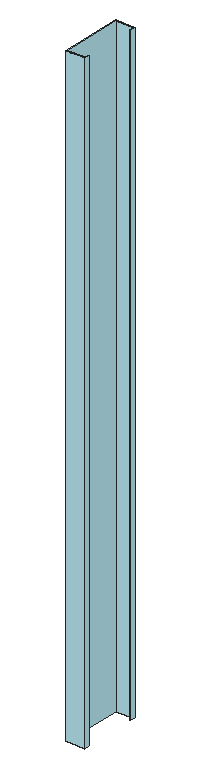
Revit family "100補強材", category 機械設備, Revit 2020
Family settings
  丸型コネクタ寸法 = 直径を使用
  種別 = なし
  パーツ タイプ = 標準
  作業面ベース = いいえ
  常に垂直 = はい
  ロード時にボイドで切り取り = いいえ
  共有 = いいえ
  部屋計算ポイント = いいえ
Parameters
  製造元 = "株式会社桐井製作所"
  既定の高さ = 0 mm
  URL = "https://www.kirii.co.jp/"
  K_長さ(mm) [instance] = 1000 mm
  K_材質 = "SGCC一般用・SGC340~570高強度一般用・SGH340~570高強度一般用"
  K_外形寸法(mm) = "100×30×7"
  K_品名 = "100補強材"
  K_名称 = "補強材"
  K_バージョン情報 = "20210524"
  K_めっき付着量 = "Z08"
  K_JIS規格 = "JIS G 3302"
Reference planes
  plane 1 "中心(正面/背面)": y = 0
  plane 2: z = 0
  plane 3 "中心(左/右)": x = 0
  plane 4: z = 1000
  plane 5: y = 100
Forms (mm)
  Extrusion 1, solid
    sketch origin (0, 0, 0) x (1, 0, 0) y (0, 1, 0)
      loop
        line (0, 0) -> (30, 0) -> (30, 7) -> (28.8, 7) -> (28.8, 1.2) -> (1.2, 1.2) -> (1.2, 98.8) -> (28.8, 98.8) -> (28.8, 93) -> (30, 93) -> (30, 100) -> (0, 100) -> (0, 0)
    from 0 to 1000
Dimensions and locks
  "K_長さ(mm)": plane 4 to plane 2
  aligned and locked: level to plane 2
  aligned and locked: plane 4 to Extrusion 1
  aligned and locked: plane 5 to Extrusion 1  (x2)
Automatic sketch dimensions
  Extrusion 1 sketch curve to plane 3 "中心(左/右)" = 0 mm
  plane 1 "中心(正面/背面)" to Extrusion 1 sketch curve = 0 mm
  plane 3 "中心(左/右)" to Extrusion 1 sketch curve = 1.2 mm
  Extrusion 1 sketch curve to plane 1 "中心(正面/背面)" = 7 mm
  Extrusion 1 sketch curve to Extrusion 1 sketch curve = 27.6 mm  (x2)
  Extrusion 1 sketch curve to Extrusion 1 sketch curve = 1.2 mm  (x3)
  Extrusion 1 sketch curve to plane 1 "中心(正面/背面)" = 1.2 mm
  Extrusion 1 sketch curve to Extrusion 1 sketch curve = 86 mm
  Extrusion 1 sketch curve to Extrusion 1 sketch curve = 5.8 mm
